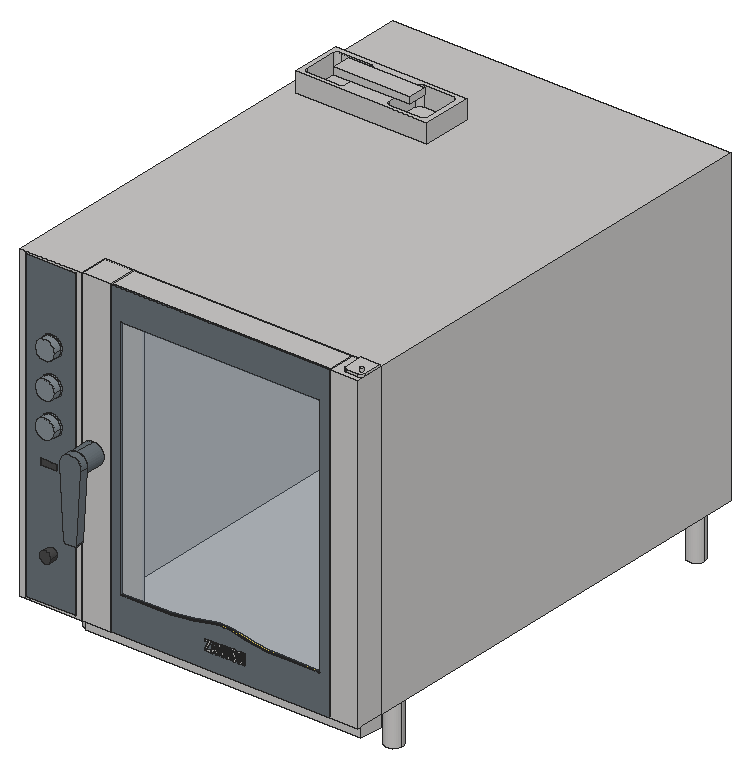
Revit family "QF_ZANUSSI_240477_ZFCG12CSBS", category Specialty Equipment, Revit 2023
Family settings
  Round Connector Dimension = Use Diameter
  Part Type = Normal
  Work Plane-Based = No
  Enable Cutting in Views = No
  Always vertical = Yes
  Cut with Voids When Loaded = No
  Maintain Annotation Orientation = No
  Shared = No
  Room Calculation Point = No
Parameters (values of type "Standard")
  Weight = 154.00 kg
  Watts = 0 W
  Volts = 220 V
  URL Manufacturer = "http://www.zanussiprofessional.com"
  URL = "http://www.zanussiprofessional.com"
  Steam Supply Size = 0 mm
  Steam Supply Minimum Pressure = 0.0 Pa
  Steam Supply Maximum Pressure = 0.0 Pa
  Steam Consumption per Hour = 0
  Show Logo [instance] = yes
  Show Clearance [instance] = yes
  Refrigeration Suction Line Size = 0 mm
  Refrigeration Liquid Line Size = 0 mm
  Refrigerant Compressor Remote = yes
  Default Elevation = 0 mm
  Manufacturer = "Zanussi"
  Phase = 1
  Model = "ZFCG12CSBS"
  Length Actual = 890 mm
  Item Number = "240477"
  Hot Water Size = 0 mm
  Height Actual = 970 mm
  HP = "0.7 HP"
  Gas Size = 12.7 mm
  Gas KW = 25
  Gas Input Pressure = 1.85 W
  Direct Waste Size = 25 mm
  Description = "CONVECTION OVEN CW 10 GN 2/1 - GAS - 60HZ"
  Depth Actual = 1215 mm
  Cycle = 60 Hz
  Condensate Return Size = 0 mm
  Compressed Air Volume = 0.0 L/s
  Compressed Air Size = 0 mm
  Compressed Air Pressure = 0.0 Pa
  Cold Water Size = 19.05 mm
  Accessory = no
Reference planes
  plane 1 "Center X": y = -61.149
  plane 2: z = 0
  plane 3 "Center Y": x = -330
  plane 4 "LEFT": x = -775
  plane 5 "BACK": y = 551.351
  plane 6 "RIGHT": x = 115
  plane 7 "FRONT": y = -673.649
  plane 8 "FeetLeft": x = -725
  plane 9: y = 501.351
  plane 10 "DoorDepth": y = -598.649
  plane 11 "FeetRight": x = 65
  plane 12 "BASE": z = 130
  plane 13 "TOP": z = 950
  plane 14: z = 0
  plane 15 "FeetFront": y = -493.649
  plane 16: z = 1001
  plane 17: y = -433.649
  plane 18 "Drain_X": x = -349
  plane 19 "Drain_Y": y = 181.351
  plane 20 "EI_x": x = -675
  plane 21 "EI_y": y = -418.649
  plane 22 "GAS_y": y = -148.649
  plane 23 "Gas_x": x = -690
  plane 24 "CWI_x": x = -690
  plane 25: y = -1354.649
  plane 26 "CWI_y": y = -53.649
  plane 27: y = 255.351
Forms (mm)
  Extrusion 1, solid, material "QF_Finishes_Stainless Steel"
    sketch origin (0, 73.5, 130) x (-1, 0, 0) y (0, -1, 0)
      loop
        circle (690, 127.149) r 13.2
    from -5 to 0
  Extrusion 2, solid, material "QF_Finishes_Stainless Steel"
    sketch origin (0, 57.5, 130) x (-1, 0, 0) y (0, -1, 0)
      loop
        circle (675, 476.149) r 13.25
    from -5 to 0
  Extrusion 3, solid, material "QF_Finishes_Stainless Steel"
    sketch origin (89, -125, 130) x (-1, 0, 0) y (0, -1, 0)
      loop
        circle (438, -306.351) r 13.25
    from -5 to 0
  Extrusion 4, solid, material "QF_Finishes_Black"
    sketch origin (0, -673.649, 77) x (-1, 0, 0) y (0, 0, 1)
      loop
        circle (691.941, 183.023) r 15
    from 0 to -20
  Extrusion 5, solid, material "QF_Finishes_Stainless Steel"
    sketch origin (15, -153.5, 130) x (-1, 0, 0) y (0, -1, 0)
      loop
        circle (705, -4.851) r 13.25
    from -5 to 0
  Extrusion 6, solid, material "QF_Finishes_Zanussi_Soft Gray"
    sketch origin (0, -673.649, -96) x (-1, 0, 0) y (0, 0, 1)
      loop
        circle (691, 845.824) r 26.676
    from 0 to -3
  Blend 7, solid, material "QF_Finishes_Zanussi_Soft Gray"
    base sketch origin (0, -673.649, -96) x (-1, 0, 0) y (0, 0, 1)
      loop
        circle (691, 845.824) r 25
    top sketch origin (0, -673.649, -96) x (-1, 0, 0) y (0, 0, 1)
      loop
        circle (691, 845.824) r 24.8
    from -3 to -23
  Extrusion 8, solid, material "QF_Finishes_Zanussi_Soft Gray"
    sketch origin (0, -673.649, -105) x (-1, 0, 0) y (0, 0, 1)
      loop
        circle (691, 760.824) r 26.676
    from 0 to -3
  Blend 9, solid, material "QF_Finishes_Zanussi_Soft Gray"
    base sketch origin (0, -673.649, -105) x (-1, 0, 0) y (0, 0, 1)
      loop
        circle (691, 760.824) r 25
    top sketch origin (0, -673.649, -105) x (-1, 0, 0) y (0, 0, 1)
      loop
        circle (691, 760.824) r 24.8
    from -3 to -23
  Extrusion 10, solid, material "QF_Finishes_Zanussi_Soft Gray"
    sketch origin (0, -673.649, 183) x (-1, 0, 0) y (0, 0, 1)
      loop
        circle (691, 380.824) r 26.676
    from 0 to -3
  Blend 11, solid, material "QF_Finishes_Zanussi_Soft Gray"
    base sketch origin (0, -673.649, 183) x (-1, 0, 0) y (0, 0, 1)
      loop
        circle (691, 380.824) r 25
    top sketch origin (0, -673.649, 183) x (-1, 0, 0) y (0, 0, 1)
      loop
        circle (691, 380.824) r 24.8
    from -3 to -23
  Extrusion 12, solid, material "QF_Finishes_Stainless Steel"
    sketch origin (0, 0, 130) x (-1, 0, 0) y (0, -1, 0)
      loop
        line (775, -551.351) -> (775, 673.649) -> (612, 673.649) -> (612, 598.649) -> (-115, 598.649) -> (-115, -551.351) -> (775, -551.351)
    from 820 to 0
  Extrusion 13, solid, material "QF_Finishes_Zanussi_Dark Gray"
    sketch origin (0, -673.649, 0) x (-1, 0, 0) y (0, 0, 1)
      loop
        line (760, 945) -> (627, 945) -> (627, 135) -> (760, 135) -> (760, 945)
      loop
        line (677.941, 475.023) -> (677.941, 460.023) -> (720.941, 460.023) -> (720.941, 475.023) -> (677.941, 475.023)
    from 0 to 5
  Extrusion 14, void
    sketch origin (0, -673.649, 0) x (-1, 0, 0) y (0, 0, 1)
      loop
        line (760, 945) -> (627, 945) -> (627, 135) -> (760, 135) -> (760, 945)
    from 0 to 5
  Extrusion 15, void
    sketch origin (0, -673.649, 0) x (-1, 0, 0) y (0, 0, 1)
      loop
        line (-87.826, 145) -> (609, 145) -> (609, 930) -> (-87.826, 930) -> (-87.826, 145)
    from 1200 to 75
  Extrusion 16, solid, material "QF_Finishes_Black"
    sketch origin (-5, -673.649, 195) x (-1, 0, 0) y (0, 0, 1)
      loop
        line (715.941, 280.023) -> (672.941, 280.023) -> (672.941, 265.023) -> (715.941, 265.023) -> (715.941, 280.023)
    from 5 to 0
  Extrusion 17, solid, material "QF_Clearances", detail levels coarse
    sketch origin (0, 0, 0) x (1, 0, 0) y (0, 1, 0)
      loop
        line (-825, -673.649) -> (-775, -673.649) -> (-775, 551.351) -> (115, 551.351) -> (115, -673.649) -> (165, -673.649) -> (165, 601.351) -> (-825, 601.351) -> (-825, -673.649)
    from 950 to 0
  Extrusion 18, solid, material "QF_Finishes_Stainless Steel"
    sketch origin (0, 0, 950) x (-1, 0, 0) y (0, -1, 0)
      loop
        line (395, -190.351) -> (395, -320.351) -> (740, -320.351) -> (740, -190.351) -> (395, -190.351)
      loop
        arc (716, -308.351) -> (724.485, -304.836) -> (728, -296.351) r 12
        line (728, -296.351) -> (728, -210.351)
        arc (728, -210.351) -> (724.485, -201.866) -> (716, -198.351) r 12
        line (716, -198.351) -> (636, -198.351)
        arc (636, -198.351) -> (627.515, -201.866) -> (624, -210.351) r 12
        line (624, -210.351) -> (624, -296.351)
        arc (624, -296.351) -> (627.515, -304.836) -> (636, -308.351) r 12
        line (636, -308.351) -> (716, -308.351)
      loop
        line (419, -308.351) -> (499, -308.351)
        arc (499, -308.351) -> (507.485, -304.836) -> (511, -296.351) r 12
        line (511, -296.351) -> (511, -210.351)
        arc (511, -210.351) -> (507.485, -201.866) -> (499, -198.351) r 12
        line (499, -198.351) -> (419, -198.351)
        arc (419, -198.351) -> (410.515, -201.866) -> (407, -210.351) r 12
        line (407, -210.351) -> (407, -296.351)
        arc (407, -296.351) -> (410.515, -304.836) -> (419, -308.351) r 12
    from 0 to 51
  Extrusion 19, solid, material "QF_Finishes_Stainless Steel"
    sketch origin (0, 0, 950) x (-1, 0, 0) y (0, -1, 0)
      loop
        line (671, -228.351) -> (471, -228.351) -> (471, -278.351) -> (671, -278.351) -> (671, -228.351)
    from 68 to 51
Cuts and joins
  Extrusion 14, Extrusion 15 cuts Extrusion 12
Lines and regions (mm)
  symbolic lines
    curve 1: line (-775, -673.649, 1620) -> (-775, 551.351, 1620)
    curve 2: line (-775, 551.351, 1620) -> (115, 551.351, 1620)
    curve 3: line (-612, -598.649, 1620) -> (115, -598.649, 1620)
    curve 4: line (-612, -598.649, 1620) -> (-612, -673.649, 1620)
    curve 5: line (-775, -673.649, 1620) -> (-612, -673.649, 1620)
    curve 6: line (-719.676, -676.649, 1620) -> (-665.324, -676.649, 1620)
    curve 7: line (-719.676, -676.649, 1620) -> (-719.676, -673.649, 1620)
    curve 8: line (-665.324, -676.649, 1620) -> (-665.324, -673.649, 1620)
    curve 9: line (115, 551.351, 1620) -> (115, -673.649, 1620)
    curve 10: line (-717.863, -696.649, 684) -> (-667.2, -696.649, 684)
    curve 11: line (-717.863, -696.649, 684) -> (-718, -676.649, 684)
    curve 12: line (-667.2, -696.649, 684) -> (-667, -676.649, 684)
    curve 18: line (-740, 320.351, 0) -> (-395, 320.351, 0)
    curve 19: line (-740, 190.351, 0) -> (-740, 320.351, 0)
    curve 20: line (-395, 190.351, 0) -> (-740, 190.351, 0)
    curve 21: line (-395, 320.351, 0) -> (-395, 190.351, 0)
    curve 22: line (-671, 278.351, 0) -> (-471, 278.351, 0)
    curve 23: line (-671, 228.351, 0) -> (-671, 278.351, 0)
    curve 24: line (-471, 228.351, 0) -> (-671, 228.351, 0)
    curve 25: line (-471, 278.351, 0) -> (-471, 228.351, 0)
    curve 26: arc (-728, 296.351, 0) -> (-724.485, 304.836, 0) -> (-716, 308.351, 0) r 12
    curve 27: line (-716, 308.351, 0) -> (-636, 308.351, 0)
    curve 28: arc (-636, 308.351, 0) -> (-627.515, 304.836, 0) -> (-624, 296.351, 0) r 12
    curve 29: line (-624, 296.351, 0) -> (-624, 278.351, 0)
    curve 30: line (-728, 210.351, 0) -> (-728, 296.351, 0)
    curve 31: arc (-716, 198.351, 0) -> (-724.485, 201.866, 0) -> (-728, 210.351, 0) r 12
    curve 32: line (-636, 198.351, 0) -> (-716, 198.351, 0)
    curve 33: arc (-624, 210.351, 0) -> (-627.515, 201.866, 0) -> (-636, 198.351, 0) r 12
    curve 34: arc (-499, 198.351, 0) -> (-507.485, 201.866, 0) -> (-511, 210.351, 0) r 12
    curve 35: line (-511, 210.351, 0) -> (-511, 228.351, 0)
    curve 36: line (-499, 308.351, 0) -> (-419, 308.351, 0)
    curve 37: arc (-511, 296.351, 0) -> (-507.485, 304.836, 0) -> (-499, 308.351, 0) r 12
    curve 38: arc (-419, 308.351, 0) -> (-410.515, 304.836, 0) -> (-407, 296.351, 0) r 12
    curve 39: line (-407, 296.351, 0) -> (-407, 210.351, 0)
    curve 40: arc (-407, 210.351, 0) -> (-410.515, 201.866, 0) -> (-419, 198.351, 0) r 12
    curve 41: line (-419, 198.351, 0) -> (-499, 198.351, 0)
    curve 42: line (-624, 228.351, 0) -> (-624, 210.351, 0)
    curve 43: line (-511, 278.351, 0) -> (-511, 296.351, 0)
  symbolic lines, style "QF_Clearances", detail levels coarse
    curve 13: line (-825, -673.649, 0) -> (-825, 601.351, 0)
    curve 14: line (-825, 601.351, 0) -> (165, 601.351, 0)
    curve 15: line (165, 601.351, 0) -> (165, -673.649, 0)
    curve 16: line (165, -673.649, 0) -> (115, -673.649, 0)
    curve 17: line (-825, -673.649, 0) -> (-768.438, -673.649, 0)
Dimensions and locks
  equal spacing: plane 4 "LEFT", plane 3 "Center Y", plane 6 "RIGHT"
  equal spacing: plane 5 "BACK", plane 1 "Center X", plane 7 "FRONT"
  plane 12 "BASE" to plane 14 = 130 mm
  plane 13 "TOP" to plane 12 "BASE" = 820 mm
  plane 13 "TOP" to plane 14 = 950 mm
  plane 5 "BACK" to plane 9 = 50 mm
  plane 9 to plane 15 "FeetFront" = 995 mm
  locked: plane 15 "FeetFront" to plane 7 "FRONT" at 180
  plane 16 to plane 13 "TOP" to plane 12 "BASE" to level = 51 mm, 820 mm, 130 mm
  plane 16 to level = 1001 mm  (x2)
  plane 17 to plane 7 "FRONT" = 240 mm
  plane 5 "BACK" to plane 19 "Drain_Y" = 370 mm
  plane 4 "LEFT" to plane 18 "Drain_X" = 426 mm
  plane 4 "LEFT" to plane 20 "EI_x" = 100 mm
  plane 5 "BACK" to plane 21 "EI_y" = 970 mm
  plane 5 "BACK" to plane 22 "GAS_y" = 700 mm
  plane 4 "LEFT" to plane 23 "Gas_x" = 85 mm
  plane 4 "LEFT" to plane 24 "CWI_x" = 85 mm
  plane 5 "BACK" to plane 25 = 1906 mm
  plane 5 "BACK" to plane 26 "CWI_y" = 605 mm
  locked: plane 10 "DoorDepth" to plane 7 "FRONT" at 75
  plane 8 "FeetLeft" to plane 4 "LEFT" = 50 mm
  plane 6 "RIGHT" to plane 11 "FeetRight" = 50 mm
  plane 11 "FeetRight" to plane 8 "FeetLeft" = 790 mm
  plane 5 "BACK" to plane 7 "FRONT" = 1225 mm
  plane 4 "LEFT" to plane 6 "RIGHT" = 890 mm
  plane 5 "BACK" to plane 27 = 296 mm
  aligned and locked: level to plane 2
  aligned and locked: plane 12 "BASE" to nested 1
  aligned and locked: plane 12 "BASE" to nested 2
  aligned and locked: plane 12 "BASE" to nested 4
  aligned and locked: plane 12 "BASE" to nested 3
  aligned and locked: nested 5 to plane 10 "DoorDepth"
  aligned and locked: nested 5 to plane 12 "BASE"
  aligned and locked: plane 6 "RIGHT" to nested 5
  aligned and locked: plane 8 "FeetLeft" to nested 4
  aligned and locked: plane 11 "FeetRight" to nested 2
  aligned and locked: plane 11 "FeetRight" to nested 3
  aligned and locked: nested 4 to plane 9
  aligned and locked: nested 3 to plane 9
  aligned and locked: plane 15 "FeetFront" to nested 1
  aligned and locked: plane 15 "FeetFront" to nested 2
Automatic sketch dimensions
  Extrusion 2 sketch curve to plane 20 "EI_x" = 0 mm
  Extrusion 2 sketch curve to plane 21 "EI_y" = 0 mm
  Extrusion 3 sketch curve to plane 18 "Drain_X" = 0 mm
  Extrusion 3 sketch curve to plane 19 "Drain_Y" = 0 mm
  Extrusion 4 sketch curve to plane 23 "Gas_x" = 1.941 mm
  plane 12 "BASE" to Extrusion 4 sketch curve = 130.023 mm
  Extrusion 5 sketch curve to plane 22 "GAS_y" = 0 mm
  Extrusion 5 sketch curve to plane 23 "Gas_x" = 0 mm
  Extrusion 6 sketch curve to plane 23 "Gas_x" = 1 mm
  Extrusion 6 sketch curve to plane 13 "TOP" = 200.176 mm
  Blend 7 sketch curve to plane 23 "Gas_x" = 1 mm  (x2)
  Blend 7 sketch curve to plane 13 "TOP" = 200.176 mm  (x2)
  Extrusion 8 sketch curve to plane 23 "Gas_x" = 1 mm
  Extrusion 8 sketch curve to plane 13 "TOP" = 294.176 mm
  Blend 9 sketch curve to plane 23 "Gas_x" = 1 mm  (x2)
  Blend 9 sketch curve to plane 13 "TOP" = 294.176 mm  (x2)
  Extrusion 10 sketch curve to plane 23 "Gas_x" = 1 mm
  plane 12 "BASE" to Extrusion 10 sketch curve = 433.824 mm
  Blend 11 sketch curve to plane 23 "Gas_x" = 1 mm  (x2)
  plane 12 "BASE" to Blend 11 sketch curve = 433.824 mm  (x2)
  Extrusion 12 sketch curve to plane 5 "BACK" = 0 mm
  Extrusion 12 sketch curve to plane 6 "RIGHT" = 0 mm
  Extrusion 12 sketch curve to plane 10 "DoorDepth" = 0 mm
  Extrusion 12 sketch curve to plane 7 "FRONT" = 0 mm
  Extrusion 12 sketch curve to plane 4 "LEFT" = 0 mm
  plane 20 "EI_x" to Extrusion 12 sketch curve = 63 mm
  Extrusion 14 sketch curve to plane 13 "TOP" = 5 mm
  plane 20 "EI_x" to Extrusion 14 sketch curve = 48 mm
  Extrusion 14 sketch curve to plane 8 "FeetLeft" = 35 mm
  plane 12 "BASE" to Extrusion 14 sketch curve = 5 mm
  Extrusion 15 sketch curve to plane 13 "TOP" = 20 mm
  plane 11 "FeetRight" to Extrusion 15 sketch curve = 22.826 mm
  plane 20 "EI_x" to Extrusion 15 sketch curve = 66 mm
  plane 12 "BASE" to Extrusion 15 sketch curve = 15 mm
  Extrusion 13 sketch curve to plane 13 "TOP" = 5 mm
  plane 20 "EI_x" to Extrusion 13 sketch curve = 48 mm
  Extrusion 13 sketch curve to plane 20 "EI_x" = 2.941 mm
  plane 8 "FeetLeft" to Extrusion 13 sketch curve = 4.059 mm
  plane 4 "LEFT" to Extrusion 13 sketch curve = 15 mm
  plane 12 "BASE" to Extrusion 13 sketch curve = 345.023 mm
  Extrusion 13 sketch curve to Extrusion 13 sketch curve = 15 mm
  plane 12 "BASE" to Extrusion 13 sketch curve = 5 mm
  Extrusion 16 sketch curve to plane 20 "EI_x" = 2.941 mm
  plane 8 "FeetLeft" to Extrusion 16 sketch curve = 4.059 mm
  plane 12 "BASE" to Extrusion 16 sketch curve = 330.023 mm
  Extrusion 16 sketch curve to Extrusion 16 sketch curve = 15 mm
  curve 3 to plane 10 "DoorDepth" = 0 mm
  curve 5 to plane 7 "FRONT" = 0 mm
  curve 2 to plane 4 "LEFT" = 0 mm
  curve 1 to plane 5 "BACK" = 0 mm
  plane 20 "EI_x" to curve 3 = 63 mm
  curve 8 to plane 7 "FRONT" = 3 mm
  plane 20 "EI_x" to curve 8 = 9.676 mm
  plane 8 "FeetLeft" to curve 6 = 5.324 mm
  curve 9 to plane 6 "RIGHT" = 0 mm
  curve 9 to plane 7 "FRONT" = 0 mm
  Extrusion 17 sketch curve to plane 7 "FRONT" = 0 mm  (x2)
  Extrusion 17 sketch curve to plane 4 "LEFT" = 0 mm
  Extrusion 17 sketch curve to plane 5 "BACK" = 0 mm
  Extrusion 17 sketch curve to plane 6 "RIGHT" = 0 mm
  Extrusion 17 sketch curve to Extrusion 17 sketch curve = 50 mm
  plane 6 "RIGHT" to Extrusion 17 sketch curve = 50 mm
  plane 5 "BACK" to Extrusion 17 sketch curve = 50 mm
  Extrusion 1 sketch curve to plane 24 "CWI_x" = 0 mm
  Extrusion 1 sketch curve to plane 26 "CWI_y" = 0 mm
  plane 20 "EI_x" to curve 12 = 7.8 mm
  curve 12 to plane 7 "FRONT" = 23 mm
  curve 12 to plane 7 "FRONT" = 3 mm
  plane 20 "EI_x" to curve 12 = 8 mm
  plane 8 "FeetLeft" to curve 11 = 7.137 mm
  curve 11 to plane 7 "FRONT" = 3 mm
  plane 8 "FeetLeft" to curve 11 = 7 mm
  Extrusion 18 sketch curve to plane 8 "FeetLeft" = 15 mm
  Extrusion 18 sketch curve to plane 8 "FeetLeft" = 3 mm
  plane 8 "FeetLeft" to Extrusion 18 sketch curve = 9 mm  (x2)
  plane 19 "Drain_Y" to Extrusion 18 sketch curve = 17 mm
  plane 20 "EI_x" to Extrusion 18 sketch curve = 39 mm  (x2)
  Extrusion 18 sketch curve to Extrusion 18 sketch curve = 113 mm
  Extrusion 18 sketch curve to Extrusion 18 sketch curve = 12 mm  (x4)
  Extrusion 18 sketch curve to plane 18 "Drain_X" = 70 mm
  plane 19 "Drain_Y" to Extrusion 18 sketch curve = 9 mm
  plane 19 "Drain_Y" to Extrusion 18 sketch curve = 29 mm
  plane 19 "Drain_Y" to Extrusion 19 sketch curve = 47 mm
  Extrusion 19 sketch curve to plane 18 "Drain_X" = 122 mm
  plane 20 "EI_x" to Extrusion 19 sketch curve = 4 mm
  Extrusion 18 sketch curve to Extrusion 18 sketch curve = 80 mm  (x2)
  Extrusion 18 sketch curve to Extrusion 18 sketch curve = 86 mm  (x2)
  Extrusion 18 sketch curve to Extrusion 18 sketch curve = 24 mm
  Extrusion 19 sketch curve to Extrusion 19 sketch curve = 50 mm
  curve 13 to plane 7 "FRONT" = 0 mm
  curve 16 to plane 6 "RIGHT" = 0 mm
  curve 15 to plane 7 "FRONT" = 0 mm
  plane 19 "Drain_Y" to curve 20 = 9 mm
  curve 20 to plane 18 "Drain_X" = 46 mm
  curve 24 to plane 27 = 27 mm
  curve 24 to curve 20 = 76 mm
  plane 20 "EI_x" to curve 24 = 4 mm
  curve 20 to plane 8 "FeetLeft" = 15 mm
  curve 17 to plane 4 "LEFT" = 50 mm
  plane 6 "RIGHT" to curve 15 = 50 mm
  plane 27 to curve 22 = 23 mm
  plane 27 to curve 21 = 65 mm
  plane 5 "BACK" to curve 13 = 50 mm
  plane 4 "LEFT" to curve 17 = 6.562 mm
  plane 8 "FeetLeft" to curve 27 = 9 mm
  curve 26 to curve 18 = 24 mm
  curve 26 to curve 27 = 12 mm
  plane 20 "EI_x" to curve 27 = 39 mm
  curve 28 to curve 28 = 12 mm
  curve 19 to curve 30 = 20 mm
  plane 8 "FeetLeft" to curve 31 = 9 mm
  curve 32 to curve 42 = 12 mm
  curve 35 to curve 24 = 40 mm
  curve 34 to curve 34 = 12 mm
  plane 27 to curve 43 = 41 mm
  curve 37 to curve 37 = 12 mm
  curve 36 to curve 18 = 24 mm
  curve 38 to curve 36 = 12 mm
  curve 20 to curve 39 = 20 mm
  curve 40 to curve 39 = 12 mm
  plane 20 "EI_x" to curve 33 = 39 mm
  curve 43 to curve 22 = 40 mm
  radius of Extrusion 2 sketch curve = 13.25 mm
  radius of Extrusion 3 sketch curve = 13.25 mm
  radius of Extrusion 4 sketch curve = 15 mm
  radius of Extrusion 5 sketch curve = 13.25 mm
  radius of Extrusion 6 sketch curve = 26.676 mm
  radius of Blend 7 sketch curve = 25 mm
  radius of Blend 7 sketch curve = 24.8 mm
  radius of Extrusion 8 sketch curve = 26.676 mm
  radius of Blend 9 sketch curve = 25 mm
  radius of Blend 9 sketch curve = 24.8 mm
  radius of Extrusion 10 sketch curve = 26.676 mm
  radius of Blend 11 sketch curve = 25 mm
  radius of Blend 11 sketch curve = 24.8 mm
  radius of Extrusion 1 sketch curve = 13.2 mm
Nested families
  nested 1: "Foot" at (-725, -493.649, 0), type "Foot"
    with Ø 22 mm, H 130 mm
  nested 2: "Foot" at (65, -493.649, 0), type "Foot"
    with Ø 22 mm, H 130 mm
  nested 3: "Foot" at (65, 501.351, 0), type "Foot"
    with Ø 22 mm, H 130 mm
  nested 4: "Foot" at (-725, 501.351, 0), type "Foot"
    with Ø 22 mm, H 130 mm
  nested 5: "ZAN_DOOR_CROSSWISE_H820" at (115, -601.649, 0), type "ZAN_DOOR_CROSSWISE_H820"
    with Show Clearance yes
Connectors
  piping at (-349, 181.351, 125), diameter 25, driven by "Direct Waste Size"
    settings: on Extrusion 3, index 6, connector inside diameter 609.6 mm, connector length 0 mm, flow factor 0, pipe flow 0.0 L/s, pressure drop 0.0 Pa, fitting loss kfactor 0, connector angle 0.00°, fixture units 0, engagement length 0 mm, angle of deflection 0.00°, flow configuration 0, flow direction 2, fitting loss method 0, system type 16, joint type 0, gender type 0, connector reference index -1, connector utility 0, adjustable connector no, is connector primary yes, connector description "Drain"
  electrical at (-675, -418.649, 125)
    settings: on Extrusion 2, index 7, voltage 0 V, apparent load 0 VA, apparent load phase1 0 VA, apparent load phase2 0 VA, apparent load phase3 0 VA, power factor 1, load classification "Altro", number of poles 1, system type 30, power factor state 1, is connector primary yes, connector utility no, sub classification motor no, connector description "Electrical Connection"
  piping at (-690, -53.649, 125), diameter 19.05, driven by "Cold Water Size"
    settings: on Extrusion 1, index 8, connector inside diameter 609.6 mm, connector length 0 mm, flow factor 0, pipe flow 0.0 L/s, pressure drop 0.0 Pa, fitting loss kfactor 0, connector angle 0.00°, fixture units 0, engagement length 0 mm, angle of deflection 0.00°, flow configuration 0, flow direction 1, fitting loss method 0, system type 20, joint type 0, gender type 0, connector reference index -1, connector utility 0, adjustable connector no, is connector primary no, connector description "Cold Water Inlet"
  piping at (-690, -148.649, 125), diameter 26.4
    settings: on Extrusion 5, index 9, connector inside diameter 609.6 mm, connector length 0 mm, flow factor 0, pipe flow 0.0 L/s, pressure drop 0.0 Pa, fitting loss kfactor 0, connector angle 0.00°, fixture units 0, engagement length 0 mm, angle of deflection 0.00°, flow configuration 0, flow direction 1, fitting loss method 0, system type 7, joint type 0, gender type 0, connector reference index -1, connector utility 0, adjustable connector no, is connector primary no, connector description "Gas Connection"
Definition of nested family "Foot"
  Parameters
    Ø [instance] = 20 mm
    Default Elevation = 0 mm
    H [instance] = 50 mm
  Reference planes
    plane 1 "Centro (Fronte/Retro)": y = 0
    plane 2: z = 0
    plane 3 "Centro (Sinistra/Destra)": x = 0
    plane 4: z = 50
  Forms (mm)
    Revolve 1, solid
      sketch origin (255.05, 0, 608.09) x (0, 0, 1) y (-1, 0, 0)
        loop
          line (-608.09, 255.05) -> (-608.09, 235.05) -> (-558.09, 235.05) -> (-558.09, 255.05) -> (-608.09, 255.05)
        axis (-608.09, 255.05) -> (-558.09, 255.05)
      angle from 0 to 360
  Dimensions and locks
    "H": plane 4 to plane 2
    "Ø": Revolve 1 sketch curve to Revolve 1 sketch curve
    aligned and locked: level to plane 2
    aligned and locked: plane 4 to Revolve 1 sketch curve
    aligned and locked: Revolve 1 sketch curve to level
    aligned and locked: plane 3 "Centro (Sinistra/Destra)" to Revolve 1 sketch curve
  Automatic sketch dimensions
    Revolve 1 sketch curve to plane 3 "Centro (Sinistra/Destra)" = 0 mm
    Revolve 1 sketch curve to Revolve 1 sketch curve = 50 mm
    Revolve 1 sketch curve to Revolve 1 sketch curve = 20 mm
Definition of nested family "ZAN_DOOR_CROSSWISE_H820"
  Parameters (values of type "ZAN_DOOR_CROSSWISE_H820")
    sp_Lama = 5 mm
    Z_Maniglia = 405 mm
    W_Door = 725 mm
    Show Clearance [instance] = yes
    Default Elevation = 0 mm
    H_Feet = 130 mm
    H_FasciaTop = 75 mm
    H_Door = 820 mm
    W_fasce = 75 mm
    Direct Waste Size = 25 mm
  Reference planes
    plane 1 "Center (Front/Back)": y = 3
    plane 2: z = 0
    plane 3 "Center (Left/Right)": x = 0
    plane 4 "Top": z = 950
    plane 5 "Feet": z = 130
    plane 6 "Front": y = -72
    plane 7: z = 945
    plane 8: z = 870
    plane 9: x = -625
    plane 10: x = -75
    plane 11: x = -725
    plane 12: x = -650
    plane 13: x = -100
    plane 14: x = -649
    plane 15: x = -76
    plane 16: z = 154
    plane 17: z = 535
    plane 18: x = -697
  Forms (mm)
    Extrusion 1, solid
      sketch origin (0, -72, 0) x (0, 0, -1) y (-1, 0, 0)
        loop
          line (-950, 725) -> (-950, 650) -> (-130, 650) -> (-130, 725) -> (-950, 725)
        loop
          line (-950, 0) -> (-130, 0) -> (-130, 75) -> (-950, 75) -> (-950, 0)
      from 0 to 75
    Extrusion 2, solid
      sketch origin (0, -72, 0) x (0, 0, -1) y (-1, 0, 0)
        loop
          line (-226.277, 625) -> (-870, 625) -> (-870, 100) -> (-226.277, 100) -> (-226.277, 179.596) -> (-226.464, 194.035) -> (-226.816, 214.136)
          arc (-226.816, 214.136) -> (-227.121, 224.207) -> (-227.693, 234.266) r 381.251
          arc (-227.693, 234.266) -> (-229.438, 254.344) -> (-232.142, 274.315) r 421.149
          arc (-232.142, 274.315) -> (-235.022, 290.185) -> (-238.297, 305.979) r 647.683
          arc (-238.297, 305.979) -> (-241.149, 319.693) -> (-243.677, 333.471) r 593.178
          arc (-243.677, 333.471) -> (-244.098, 337.378) -> (-244.435, 341.294) r 181.693
          arc (-244.435, 341.294) -> (-244.748, 347.295) -> (-244.843, 353.303) r 166.118
          arc (-244.843, 353.303) -> (-244.747, 359.31) -> (-244.433, 365.309) r 166.118
          arc (-244.433, 365.309) -> (-244.097, 369.204) -> (-243.677, 373.091) r 181.693
          arc (-243.677, 373.091) -> (-241.149, 386.869) -> (-238.297, 400.583) r 593.179
          arc (-238.297, 400.583) -> (-235.025, 416.365) -> (-232.147, 432.223) r 647.683
          arc (-232.147, 432.223) -> (-229.444, 452.168) -> (-227.698, 472.219) r 421.148
          arc (-227.698, 472.219) -> (-227.123, 482.317) -> (-226.816, 492.426) r 381.251
          line (-226.816, 492.426) -> (-226.464, 512.527) -> (-226.277, 526.966) -> (-226.277, 625)
        loop
          line (-130, 76) -> (-130, 649) -> (-950, 649) -> (-950, 76) -> (-130, 76)
      from 0 to 5
    Extrusion 3, void
      sketch origin (-100, -72, 0) x (-1, 0, 0) y (0, 0, 1)
        loop
          line (288.603, 173.973) -> (303.509, 173.973) -> (303.509, 179.706) -> (295.318, 196.905) -> (302.853, 196.741) -> (302.853, 201.982) -> (288.603, 201.982) -> (288.603, 197.232) -> (297.201, 179.706) -> (288.603, 179.706) -> (288.603, 173.973)
        loop
          line (280.375, 184.456) -> (278.737, 197.195) -> (277.1, 184.456) -> (280.375, 184.456)
        loop
          line (281.849, 173.973) -> (287.746, 173.973) -> (282.669, 201.982) -> (274.806, 201.982) -> (269.565, 173.973) -> (275.461, 173.973) -> (276.281, 179.378) -> (281.031, 179.378) -> (281.849, 173.973)
        loop
          line (268.839, 201.982) -> (262.778, 201.982) -> (258.028, 184.128) -> (258.028, 201.982) -> (252.786, 201.982) -> (252.786, 173.973) -> (259.011, 173.973) -> (263.761, 192.482) -> (263.761, 173.973) -> (268.839, 173.973) -> (268.839, 201.982)
        loop
          line (251.476, 180.9) -> (251.476, 201.982) -> (245.743, 201.982) -> (245.743, 180.689)
          arc (245.743, 180.689) -> (243.81, 179.443) -> (242.303, 181.18) r 1.755
          line (242.303, 181.18) -> (242.303, 201.982) -> (236.57, 201.982) -> (236.57, 179.87)
          arc (236.57, 179.87) -> (244.469, 173.928) -> (251.476, 180.9) r 7.548
        loop
          line (225.923, 193.137) -> (225.923, 196.183)
          arc (225.923, 196.183) -> (228.232, 197.801) -> (229.849, 195.492) r 1.993
          arc (229.849, 195.492) -> (229.394, 194.205) -> (228.544, 193.137) r 4.132
          line (228.544, 193.137) -> (222.261, 187.482)
          arc (222.261, 187.482) -> (220.244, 183.234) -> (220.358, 178.532) r 10.152
          arc (220.358, 178.532) -> (226.648, 173.979) -> (234.116, 176.106) r 8.889
          arc (234.116, 176.106) -> (235.696, 179.791) -> (235.751, 183.801) r 10.311
          line (235.751, 183.801) -> (230.033, 183.801)
          arc (230.033, 183.801) -> (230.009, 183.099) -> (230.033, 182.396) r 10.165
          arc (230.033, 182.396) -> (230.059, 181.653) -> (230.033, 180.91) r 10.759
          arc (230.033, 180.91) -> (229.7, 179.855) -> (228.922, 179.068) r 2.359
          arc (228.922, 179.068) -> (226.339, 179.656) -> (226.065, 182.291) r 2.275
          arc (226.065, 182.291) -> (227.174, 183.799) -> (228.6, 185.01) r 8.056
          line (228.6, 185.01) -> (231.016, 187.151)
          arc (231.016, 187.151) -> (233.167, 189.4) -> (234.919, 191.972) r 18.895
          arc (234.919, 191.972) -> (235.183, 196.623) -> (233.05, 200.765) r 8.857
          arc (233.05, 200.765) -> (227.818, 202.471) -> (222.586, 200.765) r 8.876
          arc (222.586, 200.765) -> (220.806, 198.522) -> (220.429, 195.684) r 5.378
          line (220.429, 195.684) -> (220.518, 193.137) -> (225.923, 193.137)
        loop
          line (209.587, 193.137) -> (209.587, 196.183)
          arc (209.587, 196.183) -> (211.896, 197.801) -> (213.513, 195.492) r 1.993
          arc (213.513, 195.492) -> (213.058, 194.205) -> (212.208, 193.137) r 4.132
          line (212.208, 193.137) -> (205.924, 187.482)
          arc (205.924, 187.482) -> (203.908, 183.234) -> (204.022, 178.532) r 10.152
          arc (204.022, 178.532) -> (210.312, 173.979) -> (217.779, 176.106) r 8.889
          arc (217.779, 176.106) -> (219.36, 179.791) -> (219.415, 183.801) r 10.311
          line (219.415, 183.801) -> (213.696, 183.801)
          arc (213.696, 183.801) -> (213.672, 183.099) -> (213.696, 182.396) r 10.165
          arc (213.696, 182.396) -> (213.722, 181.653) -> (213.696, 180.91) r 10.759
          arc (213.696, 180.91) -> (213.363, 179.855) -> (212.586, 179.068) r 2.359
          arc (212.586, 179.068) -> (210.003, 179.656) -> (209.729, 182.291) r 2.275
          arc (209.729, 182.291) -> (210.837, 183.799) -> (212.264, 185.01) r 8.056
          line (212.264, 185.01) -> (214.679, 187.151)
          arc (214.679, 187.151) -> (216.83, 189.4) -> (218.583, 191.972) r 18.895
          arc (218.583, 191.972) -> (218.847, 196.623) -> (216.714, 200.765) r 8.857
          arc (216.714, 200.765) -> (211.482, 202.471) -> (206.25, 200.765) r 8.876
          arc (206.25, 200.765) -> (204.469, 198.522) -> (204.093, 195.684) r 5.378
          line (204.093, 195.684) -> (204.182, 193.137) -> (209.587, 193.137)
        loop
          line (202.992, 201.982) -> (197.259, 201.982) -> (197.259, 173.973) -> (202.992, 173.973) -> (202.992, 201.982)
      from 0 to 2
    Extrusion 4, solid
      sketch origin (0, -72, 0) x (0, 0, -1) y (-1, 0, 0)
        loop
          line (-173.973, 388.603) -> (-173.973, 403.509) -> (-179.706, 403.509) -> (-196.905, 395.318) -> (-196.741, 402.853) -> (-201.982, 402.853) -> (-201.982, 388.603) -> (-197.232, 388.603) -> (-179.706, 397.201) -> (-179.706, 388.603) -> (-173.973, 388.603)
        loop
          line (-184.456, 380.375) -> (-197.195, 378.737) -> (-184.456, 377.1) -> (-184.456, 380.375)
        loop
          line (-173.973, 381.849) -> (-173.973, 387.746) -> (-201.982, 382.669) -> (-201.982, 374.806) -> (-173.973, 369.565) -> (-173.973, 375.461) -> (-179.378, 376.281) -> (-179.378, 381.031) -> (-173.973, 381.849)
        loop
          line (-201.982, 368.839) -> (-201.982, 362.778) -> (-184.128, 358.028) -> (-201.982, 358.028) -> (-201.982, 352.786) -> (-173.973, 352.786) -> (-173.973, 359.011) -> (-192.482, 363.761) -> (-173.973, 363.761) -> (-173.973, 368.839) -> (-201.982, 368.839)
        loop
          line (-180.9, 351.476) -> (-201.982, 351.476) -> (-201.982, 345.743) -> (-180.689, 345.743)
          arc (-180.689, 345.743) -> (-179.443, 343.81) -> (-181.18, 342.303) r 1.755
          line (-181.18, 342.303) -> (-201.982, 342.303) -> (-201.982, 336.57) -> (-179.87, 336.57)
          arc (-179.87, 336.57) -> (-173.928, 344.469) -> (-180.9, 351.476) r 7.548
        loop
          line (-193.137, 325.923) -> (-196.183, 325.923)
          arc (-196.183, 325.923) -> (-197.801, 328.232) -> (-195.492, 329.849) r 1.993
          arc (-195.492, 329.849) -> (-194.205, 329.394) -> (-193.137, 328.544) r 4.132
          line (-193.137, 328.544) -> (-187.482, 322.261)
          arc (-187.482, 322.261) -> (-183.234, 320.244) -> (-178.532, 320.358) r 10.152
          arc (-178.532, 320.358) -> (-173.979, 326.648) -> (-176.106, 334.116) r 8.889
          arc (-176.106, 334.116) -> (-179.791, 335.696) -> (-183.801, 335.751) r 10.311
          line (-183.801, 335.751) -> (-183.801, 330.033)
          arc (-183.801, 330.033) -> (-183.099, 330.009) -> (-182.396, 330.033) r 10.165
          arc (-182.396, 330.033) -> (-181.653, 330.059) -> (-180.91, 330.033) r 10.759
          arc (-180.91, 330.033) -> (-179.855, 329.7) -> (-179.068, 328.922) r 2.359
          arc (-179.068, 328.922) -> (-179.656, 326.339) -> (-182.291, 326.065) r 2.275
          arc (-182.291, 326.065) -> (-183.799, 327.174) -> (-185.01, 328.6) r 8.056
          line (-185.01, 328.6) -> (-187.151, 331.016)
          arc (-187.151, 331.016) -> (-189.4, 333.167) -> (-191.972, 334.919) r 18.895
          arc (-191.972, 334.919) -> (-196.623, 335.183) -> (-200.765, 333.05) r 8.857
          arc (-200.765, 333.05) -> (-202.471, 327.818) -> (-200.765, 322.586) r 8.876
          arc (-200.765, 322.586) -> (-198.522, 320.806) -> (-195.684, 320.429) r 5.378
          line (-195.684, 320.429) -> (-193.137, 320.518) -> (-193.137, 325.923)
        loop
          line (-193.137, 309.587) -> (-196.183, 309.587)
          arc (-196.183, 309.587) -> (-197.801, 311.896) -> (-195.492, 313.513) r 1.993
          arc (-195.492, 313.513) -> (-194.205, 313.058) -> (-193.137, 312.208) r 4.132
          line (-193.137, 312.208) -> (-187.482, 305.924)
          arc (-187.482, 305.924) -> (-183.234, 303.908) -> (-178.532, 304.022) r 10.152
          arc (-178.532, 304.022) -> (-173.979, 310.312) -> (-176.106, 317.779) r 8.889
          arc (-176.106, 317.779) -> (-179.791, 319.36) -> (-183.801, 319.415) r 10.311
          line (-183.801, 319.415) -> (-183.801, 313.696)
          arc (-183.801, 313.696) -> (-183.099, 313.672) -> (-182.396, 313.696) r 10.165
          arc (-182.396, 313.696) -> (-181.653, 313.722) -> (-180.91, 313.696) r 10.759
          arc (-180.91, 313.696) -> (-179.855, 313.363) -> (-179.068, 312.586) r 2.359
          arc (-179.068, 312.586) -> (-179.656, 310.003) -> (-182.291, 309.729) r 2.275
          arc (-182.291, 309.729) -> (-183.799, 310.837) -> (-185.01, 312.264) r 8.056
          line (-185.01, 312.264) -> (-187.151, 314.679)
          arc (-187.151, 314.679) -> (-189.4, 316.83) -> (-191.972, 318.583) r 18.895
          arc (-191.972, 318.583) -> (-196.623, 318.847) -> (-200.765, 316.714) r 8.857
          arc (-200.765, 316.714) -> (-202.471, 311.482) -> (-200.765, 306.25) r 8.876
          arc (-200.765, 306.25) -> (-198.522, 304.469) -> (-195.684, 304.093) r 5.378
          line (-195.684, 304.093) -> (-193.137, 304.182) -> (-193.137, 309.587)
        loop
          line (-201.982, 302.992) -> (-201.982, 297.259) -> (-173.973, 297.259) -> (-173.973, 302.992) -> (-201.982, 302.992)
      from 0 to 2
    Extrusion 5, solid
      sketch origin (0, -72, 0) x (0, 0, -1) y (-1, 0, 0)
        loop
          line (-945, 649) -> (-945, 625) -> (-154, 625) -> (-154, 100) -> (-945, 100) -> (-945, 76) -> (-130, 76) -> (-130, 649) -> (-945, 649)
      from 5 to 75
    Extrusion 6, solid
      sketch origin (0, -72, 0) x (0, 0, -1) y (-1, 0, 0)
        loop
          line (-945, 625) -> (-945, 100) -> (-154, 100) -> (-154, 625) -> (-945, 625)
      from 75 to 70
    Extrusion 7, solid
      sketch origin (0, -72, 0) x (0, 0, -1) y (-1, 0, 0)
        loop
          line (-945, 649) -> (-950, 649) -> (-950, 76) -> (-945, 76) -> (-945, 649)
      from 5 to 75
    Extrusion 8, solid
      sketch origin (-100, -72, -17) x (-1, 0, 0) y (0, 0, 1)
        loop
          arc (608.817, 368.345) -> (612.24, 369.7) -> (613.808, 373.032) r 5
          line (613.808, 373.032) -> (624.987, 551.163)
          arc (624.987, 551.163) -> (596.54, 579.996) -> (569.055, 550.244) r 28
          line (569.055, 550.244) -> (580.194, 373.003)
          arc (580.194, 373.003) -> (581.77, 369.69) -> (585.183, 368.345) r 5
          line (585.183, 368.345) -> (608.817, 368.345)
      from -55 to -75
    Extrusion 9, solid
      sketch origin (0, -72, 0) x (0, 0, -1) y (-1, 0, 0)
        loop
          circle (-535, 697) r 28
      from 0 to -55
    Extrusion 10, solid
      sketch origin (0, 0, 0) x (0, 1, 0) y (0, 0, 1)
        loop
          line (-62, 130) -> (-62, 105) -> (3, 100.455) -> (3, 130) -> (-62, 130)
      from -725 to 0
    Extrusion 11, solid
      sketch origin (0, 0, 950) x (0, -1, 0) y (1, 0, 0)
        loop
          circle (38.919, -17.1) r 5
      from 10 to 5
    Extrusion 12, solid
      sketch origin (0, 0, 950) x (0, -1, 0) y (1, 0, 0)
        loop
          line (-3, -52.67) -> (47, -52.67)
          arc (47, -52.67) -> (54.071, -49.741) -> (57, -42.67) r 10
          line (57, -42.67) -> (57, -12.67)
          arc (57, -12.67) -> (54.071, -5.598) -> (47, -2.67) r 10
          line (47, -2.67) -> (-3, -2.67) -> (-3, -52.67)
      from 5 to 0
    Extrusion 13, solid, detail levels coarse
      sketch origin (-100, 215.149, 0) x (1, 0, 0) y (0, 1, 0)
        loop
          line (100, -972.149) -> (100, -287.149) -> (-625.004, -287.149)
          arc (-625.004, -287.149) -> (-403.591, -778.978) -> (100, -972.149) r 708.043
      from 950 to 130
    Extrusion 14, solid
      sketch origin (0, -72, 0) x (0, 0, -1) y (-1, 0, 0)
        loop
          line (-870, 625) -> (-870, 100) -> (-226.277, 100) -> (-228.887, 193.987) -> (-229.313, 214.075)
          arc (-229.313, 214.075) -> (-229.647, 224.091) -> (-230.232, 234.096) r 398.755
          arc (-230.232, 234.096) -> (-232.012, 254.045) -> (-234.745, 273.886) r 418.492
          arc (-234.745, 273.886) -> (-237.493, 288.79) -> (-240.528, 303.64) r 786.502
          arc (-240.528, 303.64) -> (-243.753, 318.136) -> (-246.344, 332.759) r 340.705
          arc (-246.344, 332.759) -> (-247.057, 338.079) -> (-247.553, 343.424) r 132.002
          arc (-247.553, 343.424) -> (-247.817, 348.358) -> (-247.896, 353.299) r 132.002
          arc (-247.896, 353.299) -> (-247.815, 358.239) -> (-247.55, 363.173) r 132.002
          arc (-247.55, 363.173) -> (-247.055, 368.5) -> (-246.344, 373.803) r 132.002
          arc (-246.344, 373.803) -> (-243.753, 388.426) -> (-240.528, 402.923) r 340.705
          arc (-240.528, 402.923) -> (-237.495, 417.76) -> (-234.749, 432.652) r 786.502
          arc (-234.749, 432.652) -> (-232.016, 452.488) -> (-230.234, 472.433) r 418.492
          arc (-230.234, 472.433) -> (-229.647, 482.454) -> (-229.313, 492.487) r 398.755
          line (-229.313, 492.487) -> (-228.887, 512.575) -> (-226.277, 625) -> (-870, 625)
      from 0 to 5
    Extrusion 15, solid
      sketch origin (0, -72, 0) x (0, 0, -1) y (-1, 0, 0)
        loop
          line (-228.887, 512.575) -> (-229.313, 492.487)
          arc (-229.313, 492.487) -> (-229.647, 482.454) -> (-230.234, 472.433) r 398.755
          arc (-230.234, 472.433) -> (-232.016, 452.488) -> (-234.749, 432.652) r 418.492
          arc (-234.749, 432.652) -> (-237.495, 417.76) -> (-240.528, 402.923) r 786.502
          arc (-240.528, 402.923) -> (-243.753, 388.426) -> (-246.344, 373.803) r 340.705
          arc (-246.344, 373.803) -> (-247.055, 368.5) -> (-247.55, 363.173) r 132.002
          arc (-247.55, 363.173) -> (-247.815, 358.239) -> (-247.896, 353.299) r 132.002
          arc (-247.896, 353.299) -> (-247.817, 348.358) -> (-247.553, 343.424) r 132.002
          arc (-247.553, 343.424) -> (-247.057, 338.079) -> (-246.344, 332.759) r 132.002
          arc (-246.344, 332.759) -> (-243.753, 318.136) -> (-240.528, 303.64) r 340.705
          arc (-240.528, 303.64) -> (-237.493, 288.79) -> (-234.745, 273.886) r 786.502
          arc (-234.745, 273.886) -> (-232.012, 254.045) -> (-230.232, 234.096) r 418.492
          arc (-230.232, 234.096) -> (-229.647, 224.091) -> (-229.313, 214.075) r 398.755
          line (-229.313, 214.075) -> (-228.887, 193.987) -> (-226.277, 100) -> (-226.277, 179.596) -> (-226.464, 194.035) -> (-226.816, 214.136)
          arc (-226.816, 214.136) -> (-227.121, 224.207) -> (-227.693, 234.266) r 381.251
          arc (-227.693, 234.266) -> (-229.438, 254.344) -> (-232.142, 274.315) r 421.149
          arc (-232.142, 274.315) -> (-235.022, 290.185) -> (-238.297, 305.979) r 647.683
          arc (-238.297, 305.979) -> (-241.149, 319.693) -> (-243.677, 333.471) r 593.178
          arc (-243.677, 333.471) -> (-244.328, 338.674) -> (-244.808, 343.895) r 159.419
          arc (-244.808, 343.895) -> (-245.055, 348.594) -> (-245.149, 353.299) r 143.741
          arc (-245.149, 353.299) -> (-245.054, 358.003) -> (-244.805, 362.702) r 143.741
          arc (-244.805, 362.702) -> (-244.326, 367.906) -> (-243.677, 373.091) r 159.42
          arc (-243.677, 373.091) -> (-241.149, 386.869) -> (-238.297, 400.583) r 593.179
          arc (-238.297, 400.583) -> (-235.025, 416.365) -> (-232.147, 432.223) r 647.683
          arc (-232.147, 432.223) -> (-229.444, 452.168) -> (-227.698, 472.219) r 421.148
          arc (-227.698, 472.219) -> (-227.123, 482.317) -> (-226.816, 492.426) r 381.251
          line (-226.816, 492.426) -> (-226.464, 512.527) -> (-226.277, 526.966) -> (-226.277, 625) -> (-228.887, 512.575)
      from 0 to 5
  Cuts and joins
    Extrusion 3 cuts Extrusion 2
  Lines and regions (mm)
    symbolic lines
      curve 1: line (-724.987, -127, 0) -> (-661.987, -127, 0)
      curve 2: line (-724.987, -147, 0) -> (-724.987, -72.467, 0)
      curve 3: line (-661.987, -147, 0) -> (-724.987, -147, 0)
      curve 4: line (-661.987, -72.467, 0) -> (-661.987, -147, 0)
      curve 5: line (-724.996, 3, 0) -> (0, 3, 0)
      curve 6: line (-724.996, -72.467, 0) -> (-724.996, 3, 0)
      curve 7: line (0, -72.467, 0) -> (-724.996, -72.467, 0)
      curve 8: line (0, 3, 0) -> (0, -72.467, 0)
      curve 9: line (-625, -72.467, 0) -> (-625, 3, 0)
      curve 10: line (-75, -72.467, 0) -> (-75, 3, 0)
      curve 11: arc (-52.67, -47, 0) -> (-49.741, -54.071, 0) -> (-42.67, -57, 0) r 10
      curve 12: line (-42.67, -57, 0) -> (-12.67, -57, 0)
      curve 13: arc (-12.67, -57, 0) -> (-5.598, -54.071, 0) -> (-2.67, -47, 0) r 10
      curve 14: line (-2.67, -47, 0) -> (-2.67, 3, 0)
      curve 15: line (-52.67, 3, 0) -> (-52.67, -47, 0)
      curve 16: circle (-17.1, -38.919, 0) r 5 normal (0, 0, 1)
      curve 17: line (0, -745.041, 0) -> (0, -72.467, 0)
      curve 18: arc (-725.004, -72, 0) -> (-503.591, -563.829, 0) -> (0, -757, 0) r 708.043
  Dimensions and locks
    plane 1 "Center (Front/Back)" to plane 6 "Front" = 75 mm
    "H_Feet": plane 5 "Feet" to level
    "H_Door": plane 4 "Top" to plane 5 "Feet"
    "sp_Lama": plane 4 "Top" to plane 7
    "H_FasciaTop": plane 7 to plane 8
    "W_fasce": plane 11 to plane 12
    "W_fasce": plane 3 "Center (Left/Right)" to plane 10
    locked: plane 14 to plane 12 at 1
    plane 15 to plane 10 = 1 mm
    locked: plane 9 to plane 14 at 24
    locked: plane 15 to plane 13 at 24
    locked: plane 16 to plane 5 "Feet" at 24
    "Z_Maniglia": plane 17 to plane 5 "Feet"
    plane 11 to plane 18 = 28 mm
    "W_Door": plane 11 to plane 3 "Center (Left/Right)"
    aligned and locked: level to plane 2
    aligned and locked: Extrusion 7 to plane 7
    aligned and locked: plane 7 to Extrusion 6
    aligned and locked: plane 7 to Extrusion 5  (x2)
    aligned and locked: Extrusion 1 to plane 4 "Top"  (x2)
    aligned and locked: Extrusion 13 to plane 4 "Top"
    aligned and locked: Extrusion 7 to plane 4 "Top"
    aligned and locked: cut or joined group of Extrusion 2, Extrusion 3 to plane 4 "Top"
    aligned and locked: cut or joined group of Extrusion 2, Extrusion 3 to plane 8
    aligned and locked: plane 5 "Feet" to Extrusion 5
    aligned and locked: plane 5 "Feet" to Extrusion 13
    aligned and locked: plane 5 "Feet" to Extrusion 1  (x2)
    aligned and locked: plane 5 "Feet" to cut or joined group of Extrusion 2, Extrusion 3
    aligned and locked: Extrusion 5 to plane 14
    aligned and locked: plane 9 to Extrusion 5
    aligned and locked: plane 15 to Extrusion 5
    aligned and locked: Extrusion 5 to plane 13
    aligned and locked: Extrusion 1 to plane 11
    aligned and locked: plane 3 "Center (Left/Right)" to Extrusion 1
    aligned and locked: plane 12 to Extrusion 1
    aligned and locked: Extrusion 1 to plane 10
    aligned and locked: plane 16 to Extrusion 5
    aligned and locked: Extrusion 6 to plane 16
    aligned and locked: plane 3 "Center (Left/Right)" to Extrusion 10
    aligned and locked: plane 9 to cut or joined group of Extrusion 2, Extrusion 3
    aligned and locked: cut or joined group of Extrusion 2, Extrusion 3 to plane 13
    aligned and locked: plane 11 to Extrusion 10
    aligned and locked: Extrusion 14 sketch curve to plane 8
    aligned and locked: Extrusion 14 sketch curve to plane 9
    aligned and locked: Extrusion 14 sketch curve to plane 13
  Automatic sketch dimensions
    Extrusion 9 sketch curve to plane 17 = 0 mm
    Extrusion 9 sketch curve to plane 18 = 0 mm
    Extrusion 1 sketch curve to plane 4 "Top" = 0 mm  (x2)
    Extrusion 1 sketch curve to plane 3 "Center (Left/Right)" = 0 mm
    Extrusion 1 sketch curve to plane 5 "Feet" = 0 mm  (x2)
    plane 10 to Extrusion 1 sketch curve = 0 mm
    plane 12 to Extrusion 1 sketch curve = 0 mm
    plane 11 to Extrusion 1 sketch curve = 0 mm
    plane 16 to Extrusion 3 sketch curve = 47.982 mm  (x3)
    plane 13 to Extrusion 3 sketch curve = 197.259 mm
    Extrusion 3 sketch curve to Extrusion 3 sketch curve = 4.888 mm
    Extrusion 3 sketch curve to Extrusion 3 sketch curve = 5.704 mm
    Extrusion 3 sketch curve to Extrusion 3 sketch curve = 0.845 mm
    plane 16 to Extrusion 3 sketch curve = 41.684 mm  (x2)
    Extrusion 3 sketch curve to Extrusion 3 sketch curve = 1.947 mm  (x2)
    plane 16 to Extrusion 3 sketch curve = 39.137 mm  (x4)
    Extrusion 3 sketch curve to Extrusion 3 sketch curve = 0.089 mm  (x2)
    plane 16 to Extrusion 3 sketch curve = 33.482 mm  (x2)
    Extrusion 3 sketch curve to Extrusion 3 sketch curve = 1.743 mm
    Extrusion 3 sketch curve to Extrusion 3 sketch curve = 6.311 mm
    Extrusion 3 sketch curve to Extrusion 3 sketch curve = 5.327 mm  (x2)
    Extrusion 3 sketch curve to Extrusion 3 sketch curve = 0.024 mm  (x2)
    Extrusion 3 sketch curve to Extrusion 3 sketch curve = 0.143 mm  (x2)
    Extrusion 3 sketch curve to Extrusion 3 sketch curve = 0.597 mm  (x2)
    Extrusion 3 sketch curve to Extrusion 3 sketch curve = 2.07 mm  (x2)
    Extrusion 3 sketch curve to Extrusion 3 sketch curve = 1.298 mm  (x2)
    Extrusion 3 sketch curve to Extrusion 3 sketch curve = 1.366 mm  (x2)
    Extrusion 3 sketch curve to Extrusion 3 sketch curve = 0.362 mm  (x2)
    Extrusion 3 sketch curve to Extrusion 3 sketch curve = 0.15 mm  (x2)
    Extrusion 3 sketch curve to Extrusion 3 sketch curve = 0.726 mm  (x3)
    plane 16 to Extrusion 3 sketch curve = 31.01 mm  (x2)
    Extrusion 3 sketch curve to Extrusion 3 sketch curve = 0.409 mm  (x2)
    Extrusion 3 sketch curve to Extrusion 3 sketch curve = 1.432 mm  (x2)
    Extrusion 3 sketch curve to Extrusion 3 sketch curve = 2.132 mm  (x2)
    plane 16 to Extrusion 3 sketch curve = 33.151 mm  (x2)
    Extrusion 3 sketch curve to Extrusion 3 sketch curve = 2.415 mm  (x2)
    Extrusion 3 sketch curve to Extrusion 3 sketch curve = 2.892 mm  (x2)
    Extrusion 3 sketch curve to Extrusion 3 sketch curve = 6.932 mm
    Extrusion 3 sketch curve to Extrusion 3 sketch curve = 2.57 mm
    Extrusion 3 sketch curve to Extrusion 3 sketch curve = 0.116 mm
    Extrusion 3 sketch curve to Extrusion 3 sketch curve = 2.846 mm
    Extrusion 3 sketch curve to Extrusion 3 sketch curve = 4.422 mm  (x2)
    Extrusion 3 sketch curve to Extrusion 3 sketch curve = 1.773 mm
    Extrusion 3 sketch curve to Extrusion 3 sketch curve = 5.719 mm
    Extrusion 3 sketch curve to Extrusion 3 sketch curve = 3.505 mm
    Extrusion 3 sketch curve to Extrusion 3 sketch curve = 5.733 mm  (x3)
    Extrusion 3 sketch curve to Extrusion 3 sketch curve = 1.646 mm
    Extrusion 3 sketch curve to Extrusion 3 sketch curve = 0.109 mm
    Extrusion 3 sketch curve to Extrusion 3 sketch curve = 3.44 mm
    Extrusion 3 sketch curve to Extrusion 3 sketch curve = 1.311 mm
    Extrusion 3 sketch curve to Extrusion 3 sketch curve = 5.241 mm  (x2)
    Extrusion 3 sketch curve to Extrusion 3 sketch curve = 6.224 mm
    Extrusion 3 sketch curve to Extrusion 3 sketch curve = 4.75 mm  (x3)
    Extrusion 3 sketch curve to Extrusion 3 sketch curve = 6.061 mm
    plane 16 to Extrusion 3 sketch curve = 19.973 mm  (x2)
    Extrusion 3 sketch curve to Extrusion 3 sketch curve = 5.967 mm
    Extrusion 3 sketch curve to Extrusion 3 sketch curve = 5.897 mm  (x2)
    Extrusion 3 sketch curve to Extrusion 3 sketch curve = 0.819 mm  (x4)
    plane 16 to Extrusion 3 sketch curve = 43.195 mm
    Extrusion 3 sketch curve to Extrusion 3 sketch curve = 3.931 mm  (x2)
    Extrusion 3 sketch curve to Extrusion 3 sketch curve = 3.276 mm
    Extrusion 3 sketch curve to Extrusion 3 sketch curve = 0.856 mm
    plane 16 to Extrusion 3 sketch curve = 43.232 mm
    Extrusion 3 sketch curve to Extrusion 3 sketch curve = 5.934 mm
    plane 16 to Extrusion 3 sketch curve = 42.905 mm
    Extrusion 3 sketch curve to Extrusion 3 sketch curve = 6.716 mm
    plane 16 to Extrusion 3 sketch curve = 25.706 mm
    Extrusion 3 sketch curve to Extrusion 3 sketch curve = 8.598 mm
    plane 16 to Extrusion 3 sketch curve = 42.741 mm
    Extrusion 3 sketch curve to Extrusion 3 sketch curve = 7.535 mm
    Extrusion 3 sketch curve to Extrusion 3 sketch curve = 6.308 mm
    Extrusion 3 sketch curve to Extrusion 3 sketch curve = 0 mm  (x12)
    Extrusion 3 sketch curve to Extrusion 3 sketch curve = 13.509 mm
    Extrusion 3 sketch curve to Extrusion 3 sketch curve = 6.705 mm  (x2)
    Extrusion 3 sketch curve to Extrusion 3 sketch curve = 5.405 mm
    Extrusion 3 sketch curve to Extrusion 3 sketch curve = 1.565 mm
    Extrusion 3 sketch curve to Extrusion 3 sketch curve = 0.211 mm
    Extrusion 3 sketch curve to Extrusion 3 sketch curve = 3.938 mm  (x2)
    Extrusion 3 sketch curve to Extrusion 3 sketch curve = 0.05 mm  (x2)
    Extrusion 3 sketch curve to Extrusion 3 sketch curve = 0.093 mm  (x2)
    Extrusion 3 sketch curve to Extrusion 3 sketch curve = 5.829 mm
    Extrusion 3 sketch curve to Extrusion 3 sketch curve = 3.348 mm
    Extrusion 3 sketch curve to Extrusion 3 sketch curve = 0.356 mm  (x2)
    Extrusion 3 sketch curve to Extrusion 3 sketch curve = 1.568 mm  (x2)
    Extrusion 3 sketch curve to Extrusion 3 sketch curve = 1.163 mm
    Extrusion 3 sketch curve to Extrusion 3 sketch curve = 1.919 mm
    Extrusion 3 sketch curve to Extrusion 3 sketch curve = 2.148 mm
    Extrusion 3 sketch curve to Extrusion 3 sketch curve = 1.209 mm
    Extrusion 3 sketch curve to Extrusion 3 sketch curve = 3.228 mm
    Extrusion 3 sketch curve to Extrusion 3 sketch curve = 5.078 mm
    Extrusion 3 sketch curve to Extrusion 3 sketch curve = 9.5 mm
    Extrusion 3 sketch curve to Extrusion 3 sketch curve = 0.458 mm  (x2)
    Extrusion 3 sketch curve to Extrusion 3 sketch curve = 1.645 mm  (x2)
    Extrusion 3 sketch curve to Extrusion 3 sketch curve = 1.056 mm  (x2)
    Extrusion 3 sketch curve to Extrusion 3 sketch curve = 1.401 mm  (x2)
    Extrusion 3 sketch curve to Extrusion 3 sketch curve = 0.025 mm  (x2)
    Extrusion 3 sketch curve to Extrusion 3 sketch curve = 0.212 mm  (x2)
    Extrusion 3 sketch curve to Extrusion 3 sketch curve = 0.525 mm
    Extrusion 3 sketch curve to Extrusion 3 sketch curve = 0.692 mm
    Extrusion 3 sketch curve to Extrusion 3 sketch curve = 1.059 mm  (x2)
    Extrusion 3 sketch curve to Extrusion 3 sketch curve = 0.88 mm  (x2)
    Extrusion 3 sketch curve to Extrusion 3 sketch curve = 1.769 mm
    Extrusion 3 sketch curve to Extrusion 3 sketch curve = 3.52 mm
    plane 16 to Extrusion 4 sketch curve = 47.982 mm  (x2)
    Extrusion 4 sketch curve to Extrusion 4 sketch curve = 0 mm  (x16)
    Extrusion 4 sketch curve to Extrusion 4 sketch curve = 0.692 mm  (x2)
    Extrusion 4 sketch curve to Extrusion 4 sketch curve = 4.75 mm  (x5)
    Extrusion 4 sketch curve to Extrusion 4 sketch curve = 4.787 mm
    Extrusion 4 sketch curve to Extrusion 4 sketch curve = 0.328 mm
    Extrusion 4 sketch curve to Extrusion 4 sketch curve = 5.241 mm  (x2)
    Extrusion 4 sketch curve to Extrusion 4 sketch curve = 4.87 mm
    Extrusion 4 sketch curve to Extrusion 4 sketch curve = 5.561 mm
    Extrusion 4 sketch curve to Extrusion 4 sketch curve = 0.212 mm  (x2)
    Extrusion 4 sketch curve to Extrusion 4 sketch curve = 0.025 mm  (x2)
    Extrusion 4 sketch curve to Extrusion 4 sketch curve = 0.346 mm  (x2)
    Extrusion 4 sketch curve to Extrusion 4 sketch curve = 0.525 mm  (x3)
    Extrusion 4 sketch curve to Extrusion 4 sketch curve = 1.401 mm  (x2)
    Extrusion 4 sketch curve to Extrusion 4 sketch curve = 1.186 mm  (x2)
    Extrusion 4 sketch curve to Extrusion 4 sketch curve = 2.546 mm  (x2)
    Extrusion 4 sketch curve to Extrusion 4 sketch curve = 0.458 mm  (x2)
    Extrusion 4 sketch curve to Extrusion 4 sketch curve = 9.5 mm
    Extrusion 4 sketch curve to Extrusion 4 sketch curve = 5.655 mm  (x2)
    Extrusion 4 sketch curve to Extrusion 4 sketch curve = 5.986 mm  (x2)
    Extrusion 4 sketch curve to Extrusion 4 sketch curve = 2.141 mm  (x2)
    Extrusion 4 sketch curve to Extrusion 4 sketch curve = 12.739 mm
    Extrusion 4 sketch curve to Extrusion 4 sketch curve = 8.354 mm
    Extrusion 4 sketch curve to Extrusion 4 sketch curve = 3.681 mm
    Extrusion 4 sketch curve to Extrusion 4 sketch curve = 1.209 mm
    Extrusion 4 sketch curve to Extrusion 4 sketch curve = 0.702 mm  (x2)
    Extrusion 4 sketch curve to Extrusion 4 sketch curve = 1.067 mm  (x2)
    Extrusion 4 sketch curve to Extrusion 4 sketch curve = 0.798 mm
    Extrusion 4 sketch curve to Extrusion 4 sketch curve = 1.163 mm
    Extrusion 4 sketch curve to Extrusion 4 sketch curve = 0.282 mm
    Extrusion 4 sketch curve to Extrusion 4 sketch curve = 2.148 mm
    Extrusion 4 sketch curve to Extrusion 4 sketch curve = 1.642 mm
    Extrusion 4 sketch curve to Extrusion 4 sketch curve = 0.277 mm
    Extrusion 4 sketch curve to Extrusion 4 sketch curve = 1.568 mm  (x2)
    Extrusion 4 sketch curve to Extrusion 4 sketch curve = 0.043 mm  (x2)
    Extrusion 4 sketch curve to Extrusion 4 sketch curve = 0.093 mm  (x2)
    Extrusion 4 sketch curve to Extrusion 4 sketch curve = 3.228 mm
    Extrusion 4 sketch curve to Extrusion 4 sketch curve = 0.491 mm
    Extrusion 4 sketch curve to Extrusion 4 sketch curve = 3.931 mm  (x3)
    Extrusion 4 sketch curve to Extrusion 4 sketch curve = 5.078 mm
    Extrusion 4 sketch curve to Extrusion 4 sketch curve = 2.818 mm
    Extrusion 4 sketch curve to Extrusion 4 sketch curve = 1.565 mm
    Extrusion 4 sketch curve to Extrusion 4 sketch curve = 5.405 mm
    Extrusion 4 sketch curve to Extrusion 4 sketch curve = 5.733 mm  (x3)
    Extrusion 4 sketch curve to Extrusion 4 sketch curve = 7.68 mm
    plane 13 to Extrusion 4 sketch curve = 197.259 mm
    Extrusion 4 sketch curve to Extrusion 4 sketch curve = 4.888 mm
    Extrusion 4 sketch curve to Extrusion 4 sketch curve = 5.704 mm
    Extrusion 4 sketch curve to Extrusion 4 sketch curve = 0.845 mm
    Extrusion 4 sketch curve to Extrusion 4 sketch curve = 1.947 mm  (x2)
    Extrusion 4 sketch curve to Extrusion 4 sketch curve = 0.089 mm  (x2)
    Extrusion 4 sketch curve to Extrusion 4 sketch curve = 1.743 mm
    Extrusion 4 sketch curve to Extrusion 4 sketch curve = 6.311 mm
    Extrusion 4 sketch curve to Extrusion 4 sketch curve = 5.327 mm  (x2)
    Extrusion 4 sketch curve to Extrusion 4 sketch curve = 0.024 mm  (x2)
    Extrusion 4 sketch curve to Extrusion 4 sketch curve = 0.143 mm  (x2)
